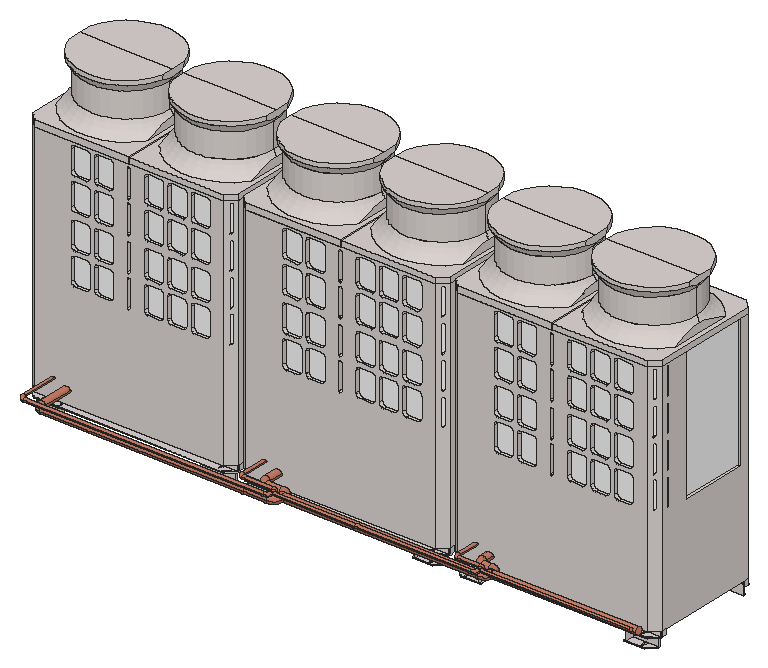
Revit family "PUHY-EP1200YSNW-A1", category 機械設備, Revit 2016 (continued)
Definition of nested family "PUHY-EP400YNW-A1"
  Dimensions and locks
    Extrusion 19 sketch curve to Extrusion 19 sketch curve = 170.800 mm
    Extrusion 20 sketch curve to Extrusion 20 sketch curve = 116.800 mm
    Extrusion 20 sketch curve to Extrusion 20 sketch curve = 170.800 mm
    Extrusion 21 sketch curve to Extrusion 21 sketch curve = 116.800 mm
    Extrusion 21 sketch curve to Extrusion 21 sketch curve = 170.800 mm
    plane 3 "Center (Left/Right)" to cut or joined group 1 (Extrusion 1, Extrusion 2, Extrusion 3, Extrusion 4, Extrusion 5, Extrusion 6, Extrusion 7, Extrusion 8, Extrusion 9, Extrusion 10, Extrusion 11, Extrusion 12, Extrusion 13, Extrusion 14, Extrusion 15, Extrusion 16, Extrusion 17, Extrusion 18, Extrusion 19, Extrusion 20, Extrusion 21, Extrusion 22, Extrusion 23, Extrusion 24, Extrusion 25, Extrusion 26, Extrusion 27, Extrusion 28, Extrusion 29, Extrusion 30, Extrusion 31, Extrusion 32, Extrusion 33) = 620.000 mm
    cut or joined group 1 to plane 3 "Center (Left/Right)" = 620.000 mm
    Extrusion 1 sketch curve to Extrusion 1 sketch curve = 1240.000 mm
    cut or joined group 1 to plane 8 = 185.000 mm
    cut or joined group 1 to plane 7 = 166.000 mm
    cut or joined group 1 to plane 6 = 110.000 mm
    cut or joined group 1 to plane 12 to cut or joined group 1 = 805.000 mm, 621.000 mm
    plane 5 to plane 2 = 1858.000 mm  (x2)
    cut or joined group 1 to plane 19 "132" = 132.000 mm
    cut or joined group 1 to plane 22 = 207.000 mm
    cut or joined group 1 to plane 23 = 256.000 mm
    cut or joined group 1 to plane 6 = 60.000 mm
    cut or joined group 1 to cut or joined group 1 = 42.154 mm
    cut or joined group 1 to cut or joined group 1 = 11.895 mm
    nested 1 to nested 3 to level = 1798.000 mm, 60.000 mm
    nested 1 to nested 1 = 303.000 mm
    nested 1 to nested 3 = 1495.000 mm
    nested 8 to nested 8 to nested 8 to nested 7 to nested 7 to nested 7 = 54.000 mm, 20.000 mm, 592.000 mm, 20.000 mm, 54.000 mm
    nested 3 to nested 3 = 56.000 mm
    plane 11 to plane 31 to plane 32 to cut or joined group 1 = 90.000 mm, 1060.000 mm, 90.000 mm
    curve 103 to nested 7 = 90.000 mm
    curve 104 to nested 7 = 125.000 mm
    curve 101 to nested 7 = 100.000 mm
    curve 11 to curve 13 to nested 7 = 84.000 mm, 71.000 mm
    cut or joined group 1 to curve 12 to curve 14 = 125.000 mm, 148.000 mm
    nested 2 to nested 7 = 1495.000 mm
    curve 87 to cut or joined group 1 = 152.000 mm
    curve 88 to cut or joined group 1 = 172.000 mm
    curve 89 to cut or joined group 1 = 216.000 mm
    cut or joined group 1 to curve 4 to curve 2 = 128.000 mm, 150.000 mm
    cut or joined group 1 to curve 1 to curve 3 = 79.000 mm, 94.000 mm
    Extrusion 32 sketch curve to nested 7 = 116.000 mm
    cut or joined group 1 to Extrusion 32 sketch curve = 160.000 mm
    cut or joined group 1 to Extrusion 33 sketch curve = 243.000 mm
    Extrusion 33 sketch curve to nested 7 = 116.000 mm
    aligned and locked: level to plane 2
    aligned and locked: Extrusion 1 to plane 4
  Nested families
    nested 1: "FAN GUARD" at (-311.5, 2, 860), type "FAN GUARD"
      with WIDTH 870.000 mm
    nested 2: "FAN GUARD" at (311.5, 2, 860) x (-1, 0, 0) z (0, 0, 1), type "FAN GUARD"
      with WIDTH 870.000 mm
    nested 3: "ATTACHMENT LEG" at (-524, -349, 0), type "ATTACHMENT LEG"
    nested 4: "ATTACHMENT LEG" at (-524, 349, 0), type "ATTACHMENT LEG"
    nested 5: "ATTACHMENT LEG" at (524, -349, 0) x (-1, 0, 0) z (0, 0, 1), type "ATTACHMENT LEG"
    nested 6: "ATTACHMENT LEG" at (524, 349, 0) x (-1, 0, 0) z (0, 0, 1), type "ATTACHMENT LEG"
    nested 7: "BASE LEG_L_" at (0, -352, 60), type "BASE LEG_L_"
      with Width 1240.000 mm
    nested 8: "BASE LEG_L_" at (0, 352, 60), type "BASE LEG_L_"
      with Width 1240.000 mm
  Connectors
    piping at (-460, -191, 176), diameter 25.4, driven by "Liquid pipe_radius"
      settings: on cut or joined group 1, index 3, connector inside diameter 25.4 mm, connector length 0.000 mm, flow factor 0, pipe flow 0.0 L/s, pressure drop 0.0 Pa, fitting loss kfactor 0, connector angle 0.00°, fixture units 0, engagement length 0.000 mm, angle of deflection 0.00°, flow configuration 0, flow direction 0, fitting loss method 0, system type 22, joint type 0, gender type 0, connector reference index -1, connector utility 0, adjustable connector no, is connector primary yes, connector description "Refrigerant service valve<Liquid pipe>"
    piping at (-377, -191, 176), diameter 28.58, driven by "Gas pipe_radius"
      settings: on cut or joined group 1, index 4, connector inside diameter 28.58 mm, connector length 0.000 mm, flow factor 0, pipe flow 0.0 L/s, pressure drop 0.0 Pa, fitting loss kfactor 0, connector angle 0.00°, fixture units 0, engagement length 0.000 mm, angle of deflection 0.00°, flow configuration 0, flow direction 0, fitting loss method 0, system type 22, joint type 0, gender type 0, connector reference index -1, connector utility 0, adjustable connector no, is connector primary no, connector description "Refrigerant service valve<Gas>"
    electrical at (0, -370, 808)
      settings: on cut or joined group 1, index 5, voltage 0 V, apparent load 0 VA, apparent load phase1 0 VA, apparent load phase2 0 VA, apparent load phase3 0 VA, power factor 1, load classification none, number of poles 1, system type 30, power factor state 1, is connector primary yes, connector utility no, sub classification motor no, connector description ""
  Definition of nested family "FAN GUARD"
    Parameters
      WIDTH [instance] = 870.000 mm
    Reference planes
      plane 1 "中心(正面/背面)": y = -2
      plane 2: z = 0
      plane 3 "ファンガード基準面": z = 661
      plane 4: y = 368
      plane 5: x = 366
      plane 6: x = -375
      plane 7 "ファンガード基準上面": z = 695
      plane 8 "ファンガード上面": z = 998
      plane 9: x = -273.971
      plane 10: x = 308.5
      plane 11: x = -308.5
      plane 12: x = 0
    Forms (mm)
      Extrusion 1, solid
        sketch origin (85, 0, 661) x (-1, 0, 0) y (0, -1, 0)
          loop
            line (343.5, -368) -> (393.5, -318) -> (393.5, 322) -> (343.5, 372) -> (-223.5, 372) -> (-223.5, -368) -> (343.5, -368)
        from 0 to 34
      Revolve 2, solid
        sketch origin (0, -2, 0) x (1, 0, 0) y (0, 0, 1)
          loop
            line (0, 695) -> (0, 998) -> (-290, 998) -> (-290, 972.327) -> (-260, 928.372) -> (-260, 777.384)
            arc (-260, 777.384) -> (-290.651, 730.137) -> (-334.665, 695) r 175.882
            line (-334.665, 695) -> (0, 695)
          axis (0, 998) -> (0, 695)
        angle from 0 to 360
      Extrusion 3, void
        sketch origin (-840, 75, 695) x (-1, 0, 0) y (0, -1, 0)
          loop
            line (-410, -165) -> (-410, 315) -> (-561.253, 315) -> (-561.253, -165) -> (-410, -165)
        from -35 to 430.592
      Extrusion 4, void
        sketch origin (840, 75, 695) x (1, 0, 0) y (0, 1, 0)
          loop
            line (-410, 165) -> (-561.253, 165) -> (-561.253, -315) -> (-410, -315) -> (-410, 165)
        from 0 to 430.592
    Cuts and joins
      Extrusion 3, Extrusion 4 cuts Revolve 2
      Extrusion 4 cuts Extrusion 1
    Lines and regions (mm)
      model lines
        curve 1: line (-278.747, 0, 998) -> (-80, 0, 998)
        curve 2: line (80, 0, 998) -> (278.747, 0, 998)
        curve 3: circle (0, 0, 998) r 80 normal (0, 0, 1)
        curve 4: line (-278.747, -80, 998) -> (278.747, -80, 998)
        curve 5: line (-241.868, -160, 998) -> (241.868, -160, 998)
        curve 6: line (-162.788, -240, 998) -> (162.788, -240, 998)
        curve 7: line (-278.747, 80, 998) -> (278.747, 80, 998)
        curve 8: line (-241.868, 160, 998) -> (240, 160, 998)
        curve 9: line (-160, 240, 998) -> (162.788, 240, 998)
        curve 10: line (0, 290, 998) -> (0, -290, 998)
        curve 11: line (-20, 289.31, 998) -> (-20, -289.31, 998)
        curve 12: line (-40, 287.228, 998) -> (-40, -287.228, 998)
        curve 13: line (-60, 283.725, 998) -> (-60, -283.725, 998)
        curve 14: line (-80, 278.747, 998) -> (-80, -278.747, 998)
        curve 15: line (20, 289.31, 998) -> (20, -289.31, 998)
        curve 16: line (40, 287.228, 998) -> (40, -287.228, 998)
        curve 17: line (60, 283.725, 998) -> (60, -283.725, 998)
        curve 18: line (80, 278.747, 998) -> (80, -278.747, 998)
        curve 19: line (100, 272.213, 998) -> (100, -272.213, 998)
        curve 20: line (120, 264.008, 998) -> (120, -264.008, 998)
        curve 21: line (140, 253.969, 998) -> (140, -253.969, 998)
        curve 22: line (160, 241.868, 998) -> (160, -243.132, 998)
        curve 23: line (180, 227.376, 998) -> (180, -227.624, 998)
        curve 24: line (200, 210, 998) -> (200, -210, 998)
        curve 25: line (220, 188.944, 998) -> (220, -188.944, 998)
        curve 26: line (240, 160, 998) -> (240, -162.788, 998)
        curve 27: line (260, 128.452, 998) -> (260, -128.452, 998)
        curve 28: line (-100, 272.213, 998) -> (-100, -272.213, 998)
        curve 29: line (-120, 264.008, 998) -> (-120, -264.008, 998)
        curve 30: line (-140, 253.969, 998) -> (-140, -253.969, 998)
        curve 31: line (-160, 240, 998) -> (-160, -241.868, 998)
        curve 32: line (-180, 227.376, 998) -> (-180, -227.376, 998)
        curve 33: line (-200, 210, 998) -> (-200, -210, 998)
        curve 34: line (-220, 188.944, 998) -> (-220, -188.944, 998)
        curve 35: line (-240, 162.788, 998) -> (-240, -162.788, 998)
        curve 36: line (-260, 128.452, 998) -> (-260, -128.452, 998)
        curve 37: line (10, 79.373, 998) -> (10, -79.373, 998)
        curve 38: line (-10, 79.373, 998) -> (-10, -79.373, 998)
        curve 39: line (30, 74.162, 998) -> (30, -74.162, 998)
        curve 40: line (50, 62.45, 998) -> (50, -62.45, 998)
        curve 41: line (70, 38.73, 998) -> (70, -38.73, 998)
        curve 42: line (-30, 74.162, 998) -> (-30, -74.162, 998)
        curve 43: line (-50, 62.45, 998) -> (-50, -62.45, 998)
        curve 44: line (-70, 38.73, 998) -> (-70, -38.73, 998)
    Dimensions and locks
      locked: plane 8 "ファンガード上面" to plane 7 "ファンガード基準上面" at 303
      plane 8 "ファンガード上面" to plane 3 "ファンガード基準面" = 337.000 mm
      Revolve 2 sketch curve to Revolve 2 sketch curve = 290.000 mm
      Extrusion 1 sketch curve to Extrusion 1 sketch curve = 740.000 mm
      equal spacing: Extrusion 1 sketch curve, plane 1 "中心(正面/背面)", Extrusion 1 sketch curve
      plane 6 to plane 5 = 741.000 mm
      Extrusion 1 sketch curve to Extrusion 1 sketch curve = 617.000 mm
      plane 11 to plane 10 = 617.000 mm
      cut or joined group of Extrusion 1, Extrusion 4 to cut or joined group of Extrusion 1, Extrusion 4 = 617.000 mm
      cut or joined group of Extrusion 1, Extrusion 4 to cut or joined group of Extrusion 1, Extrusion 4 = 740.000 mm
      aligned and locked: level to plane 2
      aligned and locked: plane 7 "ファンガード基準上面" to Extrusion 1
      aligned and locked: plane 3 "ファンガード基準面" to Extrusion 1
      aligned and locked: cut or joined group of Revolve 2, Extrusion 3, Extrusion 4 to plane 8 "ファンガード上面"
  Definition of nested family "ATTACHMENT LEG"
    Parameters
      Width = 145.000 mm
    Reference planes
      plane 1: z = 0
      plane 2 "中心(左/右)": x = -6
      plane 3: x = -52
      plane 4: x = 85
      plane 5: x = 93
      plane 6: y = -21
      plane 7: y = 27
      plane 8: x = -30
      plane 9: y = 39
      plane 10: z = 60
      plane 11: z = 57
      plane 12: z = 3
      plane 13: x = 82
      plane 14: y = 36
      plane 15: x = -75
      plane 16: y = 31
      plane 17 "幅": x = 93
      plane 18: y = 2.5
      plane 19: y = 21
      plane 20: y = -10
    Forms (mm)
      Extrusion 1, solid
        sketch origin (0, -1, 0) x (1, 0, 0) y (0, 1, 0)
          loop
            line (-75, 36) -> (-75, 27) -> (-28, -20) -> (93, -20) -> (93, 32) -> (85, 32) -> (85, 36) -> (-75, 36)
        from 0 to 60
      Extrusion 2, void
        sketch origin (0, -3, 0) x (1, 0, 0) y (0, 0, 1)
          loop
            line (-75, 57) -> (-75, 3) -> (82, 3) -> (82, 57) -> (-75, 57)
          loop
            line (93, 57) -> (85, 57) -> (85, 3) -> (93, 3) -> (93, 57)
        from -35 to 18
      Extrusion 3, void
        sketch origin (-6, 5.5, 0) x (1, 0, 0) y (0, 1, 0)
          loop
            arc (-7, -8.5) -> (0, -15.5) -> (7, -8.5) r 7
            line (7, -8.5) -> (7, 8.5)
            arc (7, 8.5) -> (0, 15.5) -> (-7, 8.5) r 7
            line (-7, 8.5) -> (-7, -8.5)
        from 0 to 60
    Cuts and joins
      Extrusion 2, Extrusion 3 cuts Extrusion 1
    Dimensions and locks
      locked: plane 3 to plane 4 at 137
      locked: plane 3 to plane 5 at 145
      plane 6 to plane 7 = 48.000 mm
      locked: plane 10 to level at 60
      Extrusion 3 sketch curve to plane 2 "中心(左/右)" = 7.000 mm
      locked: plane 15 to plane 2 "中心(左/右)" at 69
      locked: plane 15 to plane 8 at 45
      locked: plane 6 to plane 18 at 23.5
      cut or joined group of Extrusion 1, Extrusion 2, Extrusion 3 to cut or joined group of Extrusion 1, Extrusion 2, Extrusion 3 = 168.000 mm
      cut or joined group of Extrusion 1, Extrusion 2, Extrusion 3 to cut or joined group of Extrusion 1, Extrusion 2, Extrusion 3 = 56.000 mm  (x2)
      plane 14 to plane 6 = 57.000 mm
      aligned and locked: level to plane 1
      aligned and locked: Extrusion 1 sketch curve to plane 4
      aligned and locked: Extrusion 1 sketch curve to plane 5
      aligned: plane 8 to Extrusion 1 sketch curve
      aligned and locked: plane 10 to Extrusion 1
      aligned and locked: Extrusion 2 sketch curve to plane 11
      aligned: plane 3 to Extrusion 2 sketch curve
      aligned and locked: plane 12 to Extrusion 2 sketch curve
      aligned and locked: Extrusion 2 sketch curve to plane 13
      aligned and locked: plane 6 to Extrusion 2
      aligned and locked: plane 11 to Extrusion 2 sketch curve
      aligned and locked: plane 5 to Extrusion 2 sketch curve
      aligned and locked: Extrusion 2 sketch curve to plane 12
      aligned and locked: Extrusion 2 sketch curve to plane 4
      aligned and locked: plane 15 to Extrusion 1 sketch curve
      aligned and locked: Extrusion 2 sketch curve to cut or joined group of Extrusion 1, Extrusion 2, Extrusion 3
      aligned and locked: Extrusion 1 to plane 16
  Definition of nested family "BASE LEG_L_"
    Parameters
      Width [instance] = 1240.000 mm
    Reference planes
      plane 1 "中心(正面/背面)": y = 0
      plane 2: z = 0
      plane 3 "中心(左/右)": x = 0
      plane 4: x = 620
      plane 5: x = -620
      plane 6: x = -530
      plane 7: x = 530
      plane 8: y = -18
      plane 9: y = 39
      plane 10: z = 53
      plane 11: y = 42
      plane 12: y = 27
      plane 13: x = 575
      plane 14: x = -575
      plane 15: z = 8
      plane 16: y = 11.5
      plane 17: z = 35
    Forms (mm)
      Extrusion 1, solid
        sketch origin (0, 0, 0) x (0, 1, 0) y (0, 0, 1)
          loop
            line (-18, 0) -> (36, 0) -> (36, 32) -> (56, 32) -> (56, 35) -> (33, 35) -> (33, 3) -> (-18, 3) -> (-18, 0)
        from -620 to 620
      Extrusion 2, void
        sketch origin (0, 0, 0) x (1, 0, 0) y (0, 1, 0)
          loop
            line (575, -18) -> (620, -18) -> (620, 27) -> (575, -18)
          loop
            line (-575, -18) -> (-620, 27) -> (-620, -18) -> (-575, -18)
        from 0 to 250
      Extrusion 3, void
        sketch origin (0, 12.023, 0) x (1, 0, 0) y (0, 1, 0)
          loop
            arc (523, -2.971) -> (530, -9.971) -> (537, -2.971) r 7
            line (537, -2.971) -> (537, 3.023)
            arc (537, 3.023) -> (530, 10.023) -> (523, 3.023) r 7
            line (523, 3.023) -> (523, -2.971)
          loop
            line (-523, -2.971) -> (-523, 3.023)
            arc (-523, 3.023) -> (-530, 10.023) -> (-537, 3.023) r 7
            line (-537, 3.023) -> (-537, -2.971)
            arc (-537, -2.971) -> (-530, -9.971) -> (-523, -2.971) r 7
        from 0 to 250
      Extrusion 4, solid
        sketch origin (0, 0, -3) x (1, 0, 0) y (0, 0, 1)
          loop
            line (617, 8) -> (620, 8) -> (620, 35) -> (617, 35) -> (617, 8)
          loop
            line (-617, 8) -> (-617, 35) -> (-620, 35) -> (-620, 8) -> (-617, 8)
        from -36 to -56
      Extrusion 5, solid
        sketch origin (150, 352, 0) x (1, 0, 0) y (0, 1, 0)
          loop
            line (460, -319) -> (455, -319) -> (455, -320) -> (405, -370) -> (410, -370) -> (460, -320) -> (460, -319)
        from 3 to 35
      Extrusion 6, void
        sketch origin (560, -18, 0) x (0.707107, 0.707107, 0) y (0, 0, 1)
          loop
            line (70.711, 3) -> (-6.741, 39.767) -> (-6.741, 3) -> (70.711, 3)
        from -190.256 to 23.776
      Extrusion 7, solid
        sketch origin (-150, 352, 0) x (-1, 0, 0) y (0, -1, 0)
          loop
            line (460, 319) -> (460, 320) -> (410, 370) -> (405, 370) -> (455, 320) -> (455, 319) -> (460, 319)
        from 3 to 35
      Extrusion 8, void
        sketch origin (-560, -18, 0) x (0.707107, -0.707107, 0) y (0, 0, -1)
          loop
            line (-70.711, -3) -> (0, -35) -> (6.741, -35) -> (6.741, -3) -> (-70.711, -3)
        from -190.256 to 23.776
    Cuts and joins
      Extrusion 2, Extrusion 3 cuts Extrusion 1
      joined: Extrusion 1, Extrusion 4
      Extrusion 8 cuts Extrusion 7
      Extrusion 6 cuts Extrusion 5
    Dimensions and locks
      "Width": plane 5 to plane 4
      equal spacing: plane 5, plane 3 "中心(左/右)", plane 4
      locked: plane 5 to plane 6 at 90
      locked: plane 7 to plane 4 at 90
      locked: plane 8 to plane 9 at 57
      locked: plane 10 to level at 53
      locked: plane 9 to plane 11 at 3
      plane 8 to plane 12 = 45.000 mm
      locked: plane 13 to plane 4 at 45
      locked: plane 5 to plane 14 at 45
      equal spacing: Extrusion 3 sketch curve, plane 7, Extrusion 3 sketch curve
      equal spacing: Extrusion 3 sketch curve, plane 6, Extrusion 3 sketch curve
      locked: plane 10 to plane 15 at 45
      locked: cut or joined group of Extrusion 1, Extrusion 2, Extrusion 3, Extrusion 4 to Extrusion 4 sketch curve at 3  (x2)
      locked: plane 8 to plane 16 at 29.5
      plane 8 to plane 11 = 60.000 mm
      cut or joined group of Extrusion 1, Extrusion 2, Extrusion 3, Extrusion 4 to cut or joined group of Extrusion 1, Extrusion 2, Extrusion 3, Extrusion 4 = 35.000 mm
      aligned and locked: level to plane 2
      aligned and locked: plane 8 to Extrusion 1 sketch curve
      aligned and locked: plane 4 to Extrusion 1
      aligned and locked: Extrusion 1 to plane 5
      aligned and locked: Extrusion 2 sketch curve to plane 4
      aligned and locked: Extrusion 2 sketch curve to plane 8
      aligned and locked: plane 12 to Extrusion 2 sketch curve
      aligned and locked: plane 13 to Extrusion 2 sketch curve
      aligned and locked: plane 4 to Extrusion 4 sketch curve
      aligned and locked: plane 5 to Extrusion 4 sketch curve
      aligned and locked: cut or joined group of Extrusion 7, Extrusion 8 to cut or joined group of Extrusion 1, Extrusion 2, Extrusion 3, Extrusion 4
    Automatic sketch dimensions
      Extrusion 3 sketch curve to plane 1 "中心(正面/背面)" = 9.052 mm  (x2)
      Extrusion 3 sketch curve to plane 7 = 7.000 mm
      Extrusion 3 sketch curve to plane 1 "中心(正面/背面)" = 15.046 mm  (x2)
      Extrusion 3 sketch curve to plane 6 = 7.000 mm
      Extrusion 2 sketch curve to plane 5 = 0.000 mm
      plane 8 to Extrusion 2 sketch curve = 0.000 mm
      Extrusion 2 sketch curve to plane 14 = 0.000 mm
      plane 12 to Extrusion 2 sketch curve = 0.000 mm
      Extrusion 4 sketch curve to plane 10 = 21.000 mm
      plane 7 to Extrusion 5 sketch curve = 25.000 mm
      Extrusion 5 sketch curve to Extrusion 5 sketch curve = 5.000 mm  (x2)
      plane 7 to Extrusion 5 sketch curve = 75.000 mm
      plane 8 to Extrusion 5 sketch curve = 0.000 mm
      Extrusion 5 sketch curve to Extrusion 5 sketch curve = 50.000 mm
      Extrusion 5 sketch curve to Extrusion 5 sketch curve = 0.000 mm
      Extrusion 5 sketch curve to Extrusion 5 sketch curve = 1.000 mm
      Extrusion 6 sketch curve to Extrusion 5 = 0.000 mm  (x2)
      Extrusion 6 sketch curve to Extrusion 5 = 6.741 mm
      Extrusion 6 sketch curve to Extrusion 5 = 4.767 mm
      plane 6 to Extrusion 7 sketch curve = 25.000 mm
      Extrusion 7 sketch curve to Extrusion 7 sketch curve = 5.000 mm  (x2)
      Extrusion 7 sketch curve to Extrusion 7 sketch curve = 45.000 mm
      Extrusion 7 sketch curve to plane 8 = 0.000 mm
      Extrusion 7 sketch curve to Extrusion 7 sketch curve = 50.000 mm
      Extrusion 7 sketch curve to Extrusion 7 sketch curve = 0.000 mm
      Extrusion 7 sketch curve to Extrusion 7 sketch curve = 1.000 mm
      Extrusion 8 sketch curve to Extrusion 7 = 0.000 mm  (x2)
      Extrusion 7 to Extrusion 8 sketch curve = 0.000 mm  (x2)
      Extrusion 7 to Extrusion 8 sketch curve = 6.741 mm
      Extrusion 4 sketch curve to plane 17 = 3.000 mm
      Extrusion 4 sketch curve to plane 15 = 3.000 mm  (x2)
      Extrusion 1 sketch curve to plane 17 = 0.000 mm
      Extrusion 1 sketch curve to level = 0.000 mm
      level to Extrusion 1 sketch curve = 3.000 mm
      plane 9 to Extrusion 1 sketch curve = 6.000 mm
      plane 9 to Extrusion 1 sketch curve = 3.000 mm
      Extrusion 1 sketch curve to plane 17 = 3.000 mm
      Extrusion 1 sketch curve to plane 11 = 14.000 mm
Types (6, lengths in mm): name | Voltage | Hertz | Heating Rated Load Ampacity (A) | Heating Current Input (Nominal) (A) | Heating Current Input (A) | Cooling Rated Load Ampacity (A) | Cooling Current Input (A)
  PUHY-EP1200YSNW-A1_380V_50Hz | 380 V | 50 Hz | 62.2 | 52.7 | 62.2 | 65.2 | 65.2
  PUHY-EP1200YSNW-A1_380V_60Hz | 380 V | 60 Hz | 62.2 | 52.7 | 62.2 | 65.2 | 65.2
  PUHY-EP1200YSNW-A1_400V_50Hz | 400 V | 50 Hz | 59 | 50.1 | 59 | 61.9 | 61.9
  PUHY-EP1200YSNW-A1_400V_60Hz | 400 V | 60 Hz | 59 | 50.1 | 59 | 61.9 | 61.9
  PUHY-EP1200YSNW-A1_415V_50Hz | 415 V | 50 Hz | 56.9 | 48.3 | 56.9 | 59.7 | 59.7
  PUHY-EP1200YSNW-A1_415V_60Hz | 415 V | 60 Hz | 56.9 | 48.3 | 56.9 | 59.7 | 59.7
